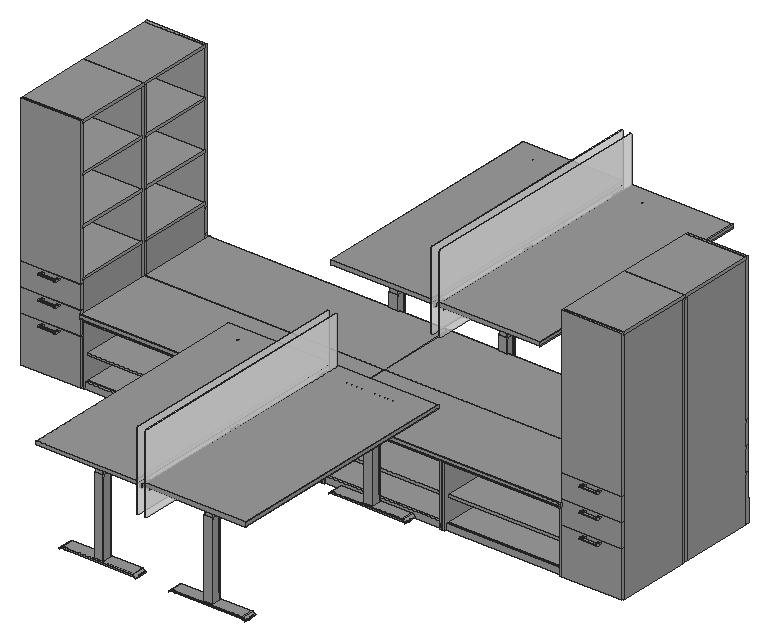
Revit family "JSI-Vision-Typical_Laminate-VST015", category Furniture, Revit 2020
Family settings
  OmniClass Number = 23.40.20.00
  OmniClass Title = General Furniture and Specialties
  Work Plane-Based = No
  Always vertical = Yes
  Cut with Voids When Loaded = No
  Shared = No
  Room Calculation Point = No
Parameters (values of type "VST015")
  URL = "www.jsifurniture.com"
  Type Comments = "Typical Laminate"  # constant formula
  Model = "VST015"
  Manufacturer = "JSI"  # constant formula
  Keynote = "12500"
  Default Elevation = 0"
  Assembly Code = "E2020200"
Reference planes (in)
  plane 1 "Center Front/Back": y = 0
  plane 2: z = 0
  plane 3 "Center Left/Right": x = 0
Dimensions and locks (in)
  aligned and locked: level to plane 2
Nested families (in)
  nested 1: "JSI-Vision-Box_Box_File_Storage_Cabinet_Side_Access" at (-90, 0, 0), type "VST2418-72BBFSSTL, Laminate 72" H BBF Strg Cab-Side Accs 24" x 18""
    with Side Distance 0", Shelve Distance 18", Height 72", FFSSTR no, Bottom Shelve Level 29.496", Adjustable Shelves Array Distance 14.06383", Actual Height 71 11/16", # of Adjustable Shelves 3
  nested 2: "JSI-Vision-Box_Box_File_Storage_Cabinet_Side_Access" at (90, -0.125, 0) x (-1, 0, 0) z (0, 0, 1), type "VST2418-72BBFSSTL, Laminate 72" H BBF Strg Cab-Side Accs 24" x 18""
    with Side Distance 0", Shelve Distance 18", Height 72", FFSSTR no, Bottom Shelve Level 29.496", Adjustable Shelves Array Distance 14.06383", Actual Height 71 11/16", # of Adjustable Shelves 3
  nested 3: "JSI-Vision-Box_Box_File_Storage_Cabinet_Side_Access" at (72, 0, 0), type "VST2418-72BBFSSTR, Laminate 72" H BBF Strg Cab-Side Accs 24" x 18""
    with Height 72", Bottom Shelve Level 29.496", Adjustable Shelves Array Distance 14.06383", Actual Height 71 11/16", # of Adjustable Shelves 3
  nested 4: "JSI-Vision-Box_Box_File_Storage_Cabinet_Side_Access" at (-72, -0.125, 0) x (-1, 0, 0) z (0, 0, 1), type "VST2418-72BBFSSTR, Laminate 72" H BBF Strg Cab-Side Accs 24" x 18""
    with Height 72", Bottom Shelve Level 29.496", Adjustable Shelves Array Distance 14.06383", Actual Height 71 11/16", # of Adjustable Shelves 3
  nested 5: "JSI-Vision-Open_Shelf_Modular_Bench_Pedestal" at (-36, -0.125, 0), type "VSTB2436MOS, Laminate OS Modular Bench H Ped"
    with Width 36", Height 18.744", Depth 24"
  nested 6: "JSI-Vision-Open_Shelf_Modular_Bench_Pedestal" at (0, -0.125, 0), type "VSTB2436MOS, Laminate OS Modular Bench H Ped"
    with Width 36", Height 18.744", Depth 24"
  nested 7: "JSI-Vision-Open_Shelf_Modular_Bench_Pedestal" at (-36, 0, 0), type "VSTB2436MOS, Laminate OS Modular Bench H Ped"
    with Width 36", Height 18.744", Depth 24"
  nested 8: "JSI-Vision-Open_Shelf_Modular_Bench_Pedestal" at (0, 0, 0), type "VSTB2436MOS, Laminate OS Modular Bench H Ped"
    with Width 36", Height 18.744", Depth 24"
  nested 9: "JSI-Vision-Bench_Height_Modular_Top" at (-72, -0.125, -0.6469), type "VSTB2472MT, Laminate Mod Bench H Top, 24" x 72""
    with Width 72", Depth 24"
  nested 10: "JSI-Vision-Bench_Height_Modular_Top" at (0, 0, -0.6469) x (-1, 0, 0) z (0, 0, 1), type "VSTB2472MT, Laminate Mod Bench H Top, 24" x 72""
    with Width 72", Depth 24"
  nested 11: "JSI-Vision-Adj_Table_Standard_Range" at (1.375, 19.0625, 0) x (0, 1, 0) z (0, 0, 1), type "VST3072AHTD-S, Adj Height Table Standard Range 72"W"
  nested 12: "JSI-Vision-Lok_Frosted_Acrylic_Privacy_Screen" at (1.375, -91.0625, -1.3175) x (0, 1, 0) z (0, 0, 1), type "LK-PSP-7224A, Lok Frosted Acrylic Privacy Screen - 72w x 23 3/4h"
  nested 13: "JSI-Vision-Adj_Table_Standard_Range" at (1.375, -19.0625, 0) x (0, -1, 0) z (0, 0, 1), type "VST3072AHTD-S, Adj Height Table Standard Range 72"W"
  nested 14: "JSI-Vision-Adj_Table_Standard_Range" at (-1.375, 19.0625, 0) x (0, 1, 0) z (0, 0, 1), type "VST3072AHTD-S, Adj Height Table Standard Range 72"W"
  nested 15: "JSI-Vision-Adj_Table_Standard_Range" at (-1.375, -19.0625, 0) x (0, -1, 0) z (0, 0, 1), type "VST3072AHTD-S, Adj Height Table Standard Range 72"W"
  nested 16: "JSI-Vision-Lok_Frosted_Acrylic_Privacy_Screen" at (-1.375, -91.0625, -1.3175) x (0, 1, 0) z (0, 0, 1), type "LK-PSP-7224A, Lok Frosted Acrylic Privacy Screen - 72w x 23 3/4h"
  nested 17: "JSI-Vision-Lok_Frosted_Acrylic_Privacy_Screen" at (1.375, 91.0625, -1.3175) x (0, -1, 0) z (0, 0, 1), type "LK-PSP-7224A, Lok Frosted Acrylic Privacy Screen - 72w x 23 3/4h"
  nested 18: "JSI-Vision-Lok_Frosted_Acrylic_Privacy_Screen" at (-1.375, 91.0625, -1.3175) x (0, -1, 0) z (0, 0, 1), type "LK-PSP-7224A, Lok Frosted Acrylic Privacy Screen - 72w x 23 3/4h"
  nested 19: "JSI-Vision-Open_Shelf_Modular_Bench_Pedestal" at (-72, -0.125, 0), type "VSTB2436MOS, Laminate OS Modular Bench H Ped"
    with Width 36", Height 18.744", Depth 24"
  nested 20: "JSI-Vision-Open_Shelf_Modular_Bench_Pedestal" at (-72, 0, 0), type "VSTB2436MOS, Laminate OS Modular Bench H Ped"
    with Width 36", Height 18.744", Depth 24"
  nested 21: "JSI-Vision-Open_Shelf_Modular_Bench_Pedestal" at (72, -0.125, 0) x (-1, 0, 0) z (0, 0, 1), type "VSTB2436MOS, Laminate OS Modular Bench H Ped"
    with Width 36", Height 18.744", Depth 24"
  nested 22: "JSI-Vision-Open_Shelf_Modular_Bench_Pedestal" at (72, 0, 0) x (-1, 0, 0) z (0, 0, 1), type "VSTB2436MOS, Laminate OS Modular Bench H Ped"
    with Width 36", Height 18.744", Depth 24"
  nested 23: "JSI-Vision-Bench_Height_Modular_Top" at (72, -0.125, -0.6469) x (-1, 0, 0) z (0, 0, 1), type "VSTB2472MT, Laminate Mod Bench H Top, 24" x 72""
    with Width 72", Depth 24"
  nested 24: "JSI-Vision-Bench_Height_Modular_Top" at (0, 0, -0.6469), type "VSTB2472MT, Laminate Mod Bench H Top, 24" x 72""
    with Width 72", Depth 24"
Definition of nested family "JSI-Vision-Box_Box_File_Storage_Cabinet_Side_Access"
  Parameters (values of type "Type Catalog")
    Side Distance = if(FFSSTR, (Width - 3/4"), 0")  # 17 1/4"
    Top = none
    Width = 18"
    Unit Centre = Width / 2  # 9"
    URL = "www.jsifurniture.com"
    Type Comments = ""
    Tag = "3 Shelves R/ BBF"
    Shelve Width = Width - 3/4"  # 17 1/4"
    Shelve Distance = if(FFSSTR, (Width - 3/4"), Width)  # 17 1/4"
    Shelve Depth = Depth - 1 7/8"  # 22 1/8"
    Series = "Vision Casegoods"  # constant formula
    Pull Finish = none
    Model = "Type Catalog"
    Material = ""
    Manufacturer = "JSI"  # constant formula
    Keynote = "12500"
    JSI Enviromental Website = "http://www.jsifurniture.com/jsi_sustainability_intro.php"
    Height = 84"
    FFSSTR = yes
    Drawer Front = none
    Description = "Type Catalog"
    Depth = 24"
    Default Elevation = 0"
    Chassis = none
    Bottom Shelve Level = 29 1/2"
    Assembly Code = "E2020200"
    Adjustable Shelves Array Distance = (Actual Height - Bottom Shelve Level) / (# of Adjustable Shelves)  # 13 35/64"
    Actual Height = if(Height > 54", (Height - 5/16"), (if(Height > 42", (Height + 1 1/8"), if(Height > 30", (Height - 3/8"), (Height - 13/16")))))  # 83 11/16"
    # of Adjustable Shelves = if(Height > 72", 4, (if(Height > 57", 3, 2)))  # 4
  Reference planes (in)
    plane 1 "Center Front/Back": y = 0
    plane 2: z = 0
    plane 3 "Center Left/Right": x = 0
    plane 4: z = 0
    plane 5: x = 18
    plane 6: y = -0.125
    plane 7: y = -23
    plane 8: z = 83.6875
    plane 9: y = -0.875
    plane 10: y = -22.8125
    plane 11: y = -22.0625
    plane 12: x = 0.75
    plane 13: x = 17.25
    plane 14: z = 0.3275
    plane 15: z = 1.0775
    plane 16: z = 82.9375
    plane 17: z = 83.3125
    plane 18: z = 29.125
    plane 19: z = 29.5
    plane 20: z = 28.75
    plane 21: x = 0.0625
    plane 22: x = 17.9375
    plane 23: z = 0.14
    plane 24: y = -23
    plane 25: y = -23.75
    plane 26: y = -24
    plane 27: z = 83.625
    plane 28: y = -11.5625
    plane 29: z = 39.9625
    plane 30: z = 50.8
    plane 31: z = 61.6375
    plane 32: z = 72.475
    plane 33: z = 27.88
    plane 34: z = 28
    plane 35: z = 13.95
    plane 36: z = 14.075
    plane 37: z = 27.13
    plane 38: z = 13.2
    plane 39: x = 9
    plane 40: x = 17.25
    plane 41: z = 21.04
    plane 42: z = 20.915
    plane 43: z = 20.165
  Forms (in)
    Extrusion 1, solid, material <- "Chassis"
      sketch origin (0, 0, 0) x (1, 0, 0) y (0, 1, 0)
        loop
          line (0, -0.125) -> (0, -0.875) -> (18, -0.875) -> (18, -0.125) -> (0, -0.125)
      from 0 to 82.9375
    Extrusion 2, solid, material <- "Chassis"
      sketch origin (0, 0, 0) x (1, 0, 0) y (0, 1, 0)
        loop
          line (0, -0.875) -> (0, -23) -> (0.75, -23) -> (0.75, -0.875) -> (0, -0.875)
      from 0 to 28.75
    Extrusion 3, solid, material <- "Chassis"
      sketch origin (0, 0, 0) x (1, 0, 0) y (0, 1, 0)
        loop
          line (17.25, -0.875) -> (17.25, -23) -> (18, -23) -> (18, -0.875) -> (17.25, -0.875)
      from 0 to 82.9375
    Extrusion 4, solid, material <- "Top"
      sketch origin (0, 0, 0) x (0, 1, 0) y (0, 0, 1)
        loop
          line (-0.125, 83.6875) -> (-23, 83.6875) -> (-23, 82.9375) -> (-0.125, 82.9375) -> (-0.125, 83.6875)
      from 0 to 18
    Extrusion 5, solid, material <- "Chassis"
      sketch origin (0, 0, 0) x (0, 1, 0) y (0, 0, 1)
        loop
          line (-0.875, 1.0775) -> (-22.0625, 1.0775) -> (-22.0625, 0.3275) -> (-0.875, 0.3275) -> (-0.875, 1.0775)
      from 0.75 to 17.25
    Extrusion 6, solid, material <- "Chassis"
      sketch origin (0, 0, 0) x (0, 1, 0) y (0, 0, 1)
        loop
          line (-22.0625, 1.0775) -> (-22.8125, 1.0775) -> (-22.8125, 0) -> (-22.0625, 0) -> (-22.0625, 1.0775)
      from 0.75 to 17.25
    Extrusion 7, solid, material <- "Chassis"
      sketch origin (-15, -0.9375, 1) x (0, 1, 0) y (0, 0, 1)
        loop
          line (0.0625, 28.5) -> (-22.0625, 28.5) -> (-22.0625, 27.75) -> (0.0625, 27.75) -> (0.0625, 28.5)
      from 15 to 32.25
    Extrusion 8, solid, material <- "Chassis"
      sketch origin (-15, -0.9375, 14.54688) x (0, 1, 0) y (0, 0, 1)
        loop
          line (0.0625, 28.5) -> (-22.0625, 28.5) -> (-22.0625, 27.75) -> (0.0625, 27.75) -> (0.0625, 28.5)
      from 15 to 32.25
    Extrusion 9, solid, material <- "Drawer Front"
      sketch origin (0, 0, 0) x (0, 1, 0) y (0, 0, 1)
        loop
          line (-23, 13.95) -> (-23.75, 13.95) -> (-23.75, 0.14) -> (-23, 0.14) -> (-23, 13.95)
      from 0 to 18
    Extrusion 10, solid, material <- "Drawer Front"
      sketch origin (0, 0, 0) x (0, 1, 0) y (0, 0, 1)
        loop
          line (-23, 27.88) -> (-23.75, 27.88) -> (-23.75, 21.04) -> (-23, 21.04) -> (-23, 27.88)
      from 0 to 18
    Extrusion 11, solid, material <- "Chassis"
      sketch origin (0, 0, 0) x (1, 0, 0) y (0, 1, 0)
        loop
          line (0, -23) -> (0, -23.75) -> (18, -23.75) -> (18, -23) -> (0, -23)
      from 28 to 83.6875
    Extrusion 12, solid, material <- "Drawer Front"
      sketch origin (0, 0, 0) x (0, 1, 0) y (0, 0, 1)
        loop
          line (-23, 20.915) -> (-23.75, 20.915) -> (-23.75, 14.075) -> (-23, 14.075) -> (-23, 20.915)
      from 0 to 18
    Extrusion 13, solid, material <- "Chassis"
      sketch origin (-15, -0.9375, 28.09375) x (0, 1, 0) y (0, 0, 1)
        loop
          line (0.0625, 28.5) -> (-22.0625, 28.5) -> (-22.0625, 27.75) -> (0.0625, 27.75) -> (0.0625, 28.5)
      from 15 to 32.25
    Extrusion 14, solid, material <- "Chassis"
      sketch origin (-15, -0.9375, 41.64063) x (0, 1, 0) y (0, 0, 1)
        loop
          line (0.0625, 28.5) -> (-22.0625, 28.5) -> (-22.0625, 27.75) -> (0.0625, 27.75) -> (0.0625, 28.5)
      from 15 to 32.25
  Lines and regions (in)
    reference lines, not visible
      curve 1: line (0, 0, 83.6875) -> (0, 0, 0)
      curve 2: line (0.75, 0, 0) -> (0.75, 0, 83.6875)
      curve 3: line (18, 0, 83.6875) -> (18, 0, 0)
      curve 4: line (17.25, 0, 0) -> (17.25, 0, 83.6875)
    symbolic lines
      curve 5: line (18, -0.125, 0) -> (0, -0.125, 0)
      curve 6: line (0, -0.125, 0) -> (0, -23, 0)
      curve 7: line (18, -23, 0) -> (18, -0.125, 0)
      curve 8: line (0, -23, 0) -> (0, -23.75, 0)
      curve 9: line (0, -23.75, 0) -> (18, -23.75, 0)
      curve 10: line (18, -23.75, 0) -> (18, -23, 0)
  Dimensions and locks (in)
    locked: plane 6 to plane 1 "Center Front/Back" at 0.125
    plane 7 to plane 10 to plane 11 = 3/16" locked, 3/4" locked
    locked: plane 3 "Center Left/Right" to plane 12 at 0.75
    locked: plane 13 to plane 5 at 0.75
    locked: plane 8 to plane 16 at 0.75
    locked: plane 17 to plane 16 at 0.375
    "Width": plane 3 "Center Left/Right" to plane 5
    "Actual Height": plane 8 to plane 4
    locked: plane 3 "Center Left/Right" to plane 21 at 0.0625
    locked: plane 22 to plane 5 at 0.0625
    plane 15 to plane 14 to plane 23 = 3/4" locked, 3/16" locked
    plane 25 to plane 24 to plane 7 = 3/4" locked, 0" locked
    "Depth": plane 26 to plane 1 "Center Front/Back"
    locked: plane 26 to plane 25 at 0.25
    locked: plane 8 to plane 27 at 0.0625
    equal spacing: plane 6, plane 28, plane 7
    "Shelve Depth": Extrusion 7 sketch curve to Extrusion 7 sketch curve
    equal spacing: plane 17, plane 32, plane 31, plane 30, plane 29, plane 18
    "Shelve Depth": Extrusion 8 sketch curve to Extrusion 8 sketch curve
    equal spacing: group 1, group 2, group 3, group 4  (x3)
    "Adjustable Shelves Array Distance": Extrusion 8 to Extrusion 7
    "Bottom Shelve Level": Extrusion 7 to plane 4
    "Bottom Shelve Level": plane 19 to plane 4
    locked: plane 19 to plane 18 at 0.375
    locked: plane 33 to plane 37 at 0.75
    locked: plane 35 to plane 38 at 0.75
    "Shelve Width": Extrusion 7 to Extrusion 7
    "Unit Centre": plane 3 "Center Left/Right" to plane 39
    "Shelve Width": Extrusion 8 to Extrusion 8
    locked: plane 19 to plane 20 at 0.75
    locked: curve 1 to curve 2 at 0.75
    locked: curve 3 to curve 4 at 0.75
    "Side Distance": curve 4 to plane 3 "Center Left/Right"
    "Side Distance": plane 5 to curve 2
    "Shelve Distance": plane 40 to plane 3 "Center Left/Right"
    locked: plane 42 to plane 43 at 0.75
    "Shelve Depth": Extrusion 13 sketch curve to Extrusion 13 sketch curve
    "Shelve Width": Extrusion 13 to Extrusion 13
    "Shelve Depth": Extrusion 14 sketch curve to Extrusion 14 sketch curve
    "Shelve Width": Extrusion 14 to Extrusion 14
    plane 33 to plane 41 to plane 42 to plane 36 to plane 35 to plane 23 to plane 4 = 6.84" locked, 1/8" locked, 6.84" locked, 1/8" locked, 13.81" locked, 0.14" locked
    locked: plane 20 to plane 34 at 0.75
    aligned and locked: level to plane 2
    aligned and locked: plane 6 to Extrusion 1 sketch curve
    aligned and locked: Extrusion 1 sketch curve to plane 9
    aligned and locked: Extrusion 1 sketch curve to plane 5
    aligned and locked: plane 3 "Center Left/Right" to Extrusion 1 sketch curve
    aligned and locked: Extrusion 1 to plane 4
    aligned and locked: plane 16 to Extrusion 1
    aligned and locked: Extrusion 2 sketch curve to plane 7
    aligned and locked: plane 9 to Extrusion 2 sketch curve
    aligned and locked: Extrusion 3 sketch curve to plane 7
    aligned and locked: plane 9 to Extrusion 3 sketch curve
    aligned and locked: plane 16 to Extrusion 4 sketch curve
    aligned and locked: Extrusion 4 sketch curve to plane 8
    aligned and locked: plane 6 to Extrusion 4 sketch curve
    aligned and locked: Extrusion 4 sketch curve to plane 7
    aligned and locked: Extrusion 4 to plane 3 "Center Left/Right"
    aligned and locked: plane 5 to Extrusion 4
    aligned and locked: Extrusion 5 sketch curve to plane 11
    aligned and locked: plane 14 to Extrusion 5 sketch curve
    aligned and locked: Extrusion 5 sketch curve to plane 15
    aligned and locked: plane 9 to Extrusion 5 sketch curve
    aligned and locked: Extrusion 5 to plane 12
    aligned and locked: plane 13 to Extrusion 5
    aligned and locked: plane 11 to Extrusion 6 sketch curve
    aligned and locked: Extrusion 6 sketch curve to plane 10
    aligned and locked: plane 4 to Extrusion 6 sketch curve
    aligned and locked: Extrusion 6 sketch curve to plane 15
    aligned and locked: Extrusion 6 to plane 12
    aligned and locked: plane 13 to Extrusion 6
    aligned and locked: level to plane 4
    aligned and locked: plane 25 to nested 1
    aligned and locked: plane 24 to Extrusion 9 sketch curve
    aligned and locked: Extrusion 9 sketch curve to plane 25
    aligned and locked: plane 23 to Extrusion 9 sketch curve
    aligned and locked: Extrusion 9 sketch curve to plane 35
    aligned and locked: Extrusion 10 sketch curve to plane 25
    aligned and locked: plane 24 to Extrusion 10 sketch curve
    aligned and locked: Extrusion 10 sketch curve to plane 33
    aligned and locked: plane 38 to nested 2
    aligned and locked: plane 25 to nested 2
    aligned and locked: plane 37 to nested 3
    aligned and locked: plane 25 to nested 3
    aligned and locked: Extrusion 7 to plane 9
    aligned and locked: Extrusion 8 to plane 9
    aligned and locked: plane 39 to nested 1
    aligned and locked: plane 39 to nested 3
    aligned and locked: plane 39 to nested 2
    aligned and locked: Extrusion 2 to plane 4
    aligned and locked: Extrusion 2 to curve 2
    aligned and locked: curve 1 to Extrusion 2
    aligned and locked: plane 20 to Extrusion 2
    aligned and locked: Extrusion 3 to plane 4
    aligned and locked: Extrusion 3 to curve 3
    aligned and locked: Extrusion 3 to curve 4
    aligned and locked: plane 16 to Extrusion 3
    aligned and locked: plane 40 to Extrusion 7
    aligned and locked: plane 40 to Extrusion 8
    aligned and locked: plane 24 to Extrusion 11 sketch curve
    aligned and locked: Extrusion 11 sketch curve to plane 25
    aligned and locked: Extrusion 11 sketch curve to plane 5
    aligned and locked: plane 3 "Center Left/Right" to Extrusion 11 sketch curve
    aligned and locked: plane 8 to Extrusion 11
    aligned and locked: Extrusion 11 to plane 34
    aligned and locked: Extrusion 10 to plane 41
    aligned and locked: plane 36 to Extrusion 12 sketch curve
    aligned and locked: Extrusion 12 sketch curve to plane 42
    aligned and locked: Extrusion 12 sketch curve to plane 25
    aligned and locked: plane 24 to Extrusion 12 sketch curve
    aligned and locked: plane 43 to nested 4
    aligned and locked: plane 39 to nested 4
    aligned and locked: plane 25 to nested 4
    aligned and locked: curve 5 to Extrusion 4
    aligned and locked: curve 6 to Extrusion 4
    aligned and locked: curve 7 to Extrusion 4
    aligned and locked: curve 8 to Extrusion 10
    aligned and locked: Extrusion 11 to curve 9
    aligned and locked: curve 10 to Extrusion 10
    aligned and locked: Extrusion 10 to Extrusion 11  (x2)
  Automatic sketch dimensions
    Extrusion 7 sketch curve to Extrusion 7 sketch curve = 3/4"
    Extrusion 8 sketch curve to Extrusion 8 sketch curve = 3/4"
    plane 12 to Extrusion 2 sketch curve = 0"
    plane 3 "Center Left/Right" to Extrusion 2 sketch curve = 0"
    Extrusion 3 sketch curve to plane 5 = 0"
    Extrusion 3 sketch curve to plane 13 = 0"
    curve 1 to level = 0"
    curve 2 to level = 0"
    curve 3 to level = 0"
    curve 4 to level = 0"
    curve 3 to plane 8 = 0"
    curve 2 to plane 8 = 0"
    curve 4 to plane 8 = 0"
    curve 1 to plane 8 = 0"
    plane 36 to Extrusion 10 sketch curve = 6.965"
    plane 7 to curve 7 = 0"
    plane 7 to curve 6 = 0"
    Extrusion 13 sketch curve to Extrusion 13 sketch curve = 3/4"
    Extrusion 14 sketch curve to Extrusion 14 sketch curve = 3/4"
  Nested families (in)
    nested 1: "Label 1-16 OH" at (9, -23.75, 0), type "OH DOORS"
    nested 2: "Bar Pull" at (9, -23.75, 13.2), Pull Finish <- "Pull Finish", type "PL"
      with Pull Finish none
    nested 3: "Bar Pull" at (9, -23.75, 27.13), Pull Finish <- "Pull Finish", type "PL"
      with Pull Finish none
    nested 4: "Bar Pull" at (9, -23.75, 20.165), Pull Finish <- "Pull Finish", type "PL"
      with Pull Finish none
  Definition of nested family "Bar Pull"
    Parameters
      Pull Finish [instance] = none
      Default Elevation = 0"
    Reference planes (in)
      plane 1 "Center Front/Back": y = 0
      plane 2: z = 0
      plane 3 "Center Left/Right": x = 0
      plane 4: x = -2.68731
      plane 5: x = -1.88731
      plane 6: x = 2.68731
      plane 7: x = 1.88731
      plane 8: y = -1
      plane 9: y = -0.85202
    Forms (in)
      Extrusion 1, solid, material <- "Pull Finish"
        sketch origin (0, 0, 0) x (0, 1, 0) y (0, 0, 1)
          loop
            line (0, -0.2015) -> (0, 0.2015) -> (-0.85202, 0.2015)
            arc (-0.85202, 0.2015) -> (-0.75, 0) -> (-0.85202, -0.2015) r 0.25
            line (-0.85202, -0.2015) -> (0, -0.2015)
        from 1.88731 to 2.68731
      Extrusion 2, solid, material <- "Pull Finish"
        sketch origin (0, 0, 0) x (0, 1, 0) y (0, 0, 1)
          loop
            circle (-1, 0) r 0.25
        from -2.68731 to 2.68731
      Extrusion 3, solid, material <- "Pull Finish"
        sketch origin (0, 0, 0) x (0, 1, 0) y (0, 0, -1)
          loop
            line (0, 0.2015) -> (-0.85202, 0.2015)
            arc (-0.85202, 0.2015) -> (-0.75, 0) -> (-0.85202, -0.2015) r 0.25
            line (-0.85202, -0.2015) -> (0, -0.2015) -> (0, 0.2015)
        from 1.88731 to 2.68731
    Dimensions and locks (in)
      plane 4 to plane 5 to plane 3 "Center Left/Right" to plane 7 to plane 6 = 0.8" locked, 1.88731" locked, 1.88731" locked, 0.8" locked
      plane 8 to plane 9 to plane 1 "Center Front/Back" = 0.14798" locked, 0.85202" locked
      aligned and locked: level to plane 2
      aligned and locked: plane 4 to Extrusion 3
      aligned and locked: Extrusion 3 to plane 5
      aligned and locked: plane 4 to Extrusion 2
      aligned and locked: Extrusion 1 to plane 7
      aligned and locked: plane 6 to Extrusion 1
      aligned and locked: plane 6 to Extrusion 2
      aligned and locked: plane 8 to Extrusion 2 sketch curve
      aligned and locked: Extrusion 3 to plane 1 "Center Front/Back"
      aligned and locked: Extrusion 1 to plane 1 "Center Front/Back"
      aligned and locked: plane 5 to Extrusion 3
      aligned and locked: Extrusion 3 to plane 4
      aligned and locked: Extrusion 2 to plane 4
      aligned and locked: plane 7 to Extrusion 1
      aligned and locked: Extrusion 1 to plane 6
      aligned and locked: Extrusion 2 to plane 6
  Definition of nested family "Label 1-16 OH"
    Parameters
      Width = 1"
      Model Name = "3 Shelves R/ BBF"
    Reference planes (in)
      plane 1: y = 0
      plane 2: x = 0
    Text (in)
      label "XX" at (0.00051, -0.12324, 0), shows "Model Name"
Definition of nested family "JSI-Vision-Open_Shelf_Modular_Bench_Pedestal"
  Parameters (values of type "Type Catalog")
    Width = 18"
    URL = "www.jsifurniture.com"
    Top = none
    Tag = "OS"
    Series = "Vision Casegoods"  # constant formula
    Model = "Type Catalog"
    Manufacturer = "JSI"  # constant formula
    Keynote = "12500"
    JSI Enviromental Website = "http://www.jsifurniture.com/jsi_sustainability_intro.php"
    Height = 18 3/4"
    Description = "Type Catalog"
    Depth = 18"
    Default Elevation = 0"
    Chassis = none
    Assembly Code = "E2020200"
  Reference planes (in)
    plane 1 "Center Front/Back": y = 0
    plane 2: z = 0
    plane 3 "Center Left/Right": x = 0
    plane 4: x = 18
    plane 5: x = 0.18716
    plane 6: x = 17.81244
    plane 7: z = 9.375
    plane 8: x = 0.75
    plane 9: x = 17.126
    plane 10: y = -0.8125
    plane 11: y = -17.25
    plane 12: x = 9
    plane 13: z = 18.8591
    plane 14: z = 18.75
    plane 15: z = 8.625
    plane 16: z = 1.9375
    plane 17: z = 1.1875
    plane 18: y = -17.875
    plane 19: y = -16.25
    plane 20: y = -17
    plane 21: y = -18
    plane 22: z = 18.1091
  Forms (in)
    Extrusion 1, solid, material <- "Chassis"
      sketch origin (0, 0, 0) x (1, 0, 0) y (0, 1, 0)
        loop
          line (0, 0) -> (0, -0.8125) -> (18, -0.8125) -> (18, 0) -> (0, 0)
      from 0 to 18.8591
    Extrusion 2, solid, material <- "Chassis"
      sketch origin (0.125, -0.1875, 48) x (0, 1, 0) y (0, 0, 1)
        loop
          line (-0.625, -29.1409) -> (-17.0625, -29.1409) -> (-17.0625, -48) -> (-0.625, -48) -> (-0.625, -29.1409)
      from -0.125 to 0.625
    Extrusion 3, solid, material <- "Chassis"
      sketch origin (29.875, -0.1875, 48) x (0, 1, 0) y (0, 0, 1)
        loop
          line (-0.625, -29.1409) -> (-17.0625, -29.1409) -> (-17.0625, -48) -> (-0.625, -48) -> (-0.625, -29.1409)
      from -12.749 to -11.875
    Extrusion 4, solid, material <- "Chassis"
      sketch origin (0, 0, 0) x (1, 0, 0) y (0, 1, 0)
        loop
          line (0.75, -16.25) -> (0.75, -17) -> (17.126, -17) -> (17.126, -16.25) -> (0.75, -16.25)
      from 0 to 1.9375
    Extrusion 5, solid, material <- "Chassis"
      sketch origin (0, 0, 0) x (0, 1, 0) y (0, 0, 1)
        loop
          line (-16.25, 9.375) -> (-16.25, 8.625) -> (-0.8125, 8.625) -> (-0.8125, 9.375) -> (-16.25, 9.375)
        loop
          line (-0.8125, 18.1091) -> (-0.8125, 18.8591) -> (-17.25, 18.8591) -> (-17.25, 18.1091) -> (-0.8125, 18.1091)
        loop
          line (-0.8125, 1.1875) -> (-0.8125, 1.9375) -> (-16.25, 1.9375) -> (-16.25, 1.1875) -> (-0.8125, 1.1875)
      from 0.75 to 17.126
  Lines and regions (in)
    symbolic lines
      curve 1: line (0, 0, 0) -> (18, 0, 0)
      curve 2: line (0, -17.875, 0) -> (0, 0, 0)
      curve 3: line (18, -17.875, 0) -> (0, -17.875, 0)
      curve 4: line (18, 0, 0) -> (18, -17.875, 0)
  Dimensions and locks (in)
    locked: plane 14 to plane 13 at 0.1091
    plane 9 to plane 6 to plane 4 = 0.68644" locked, 0.18756" locked
    plane 3 "Center Left/Right" to plane 5 to plane 8 = 0.18716" locked, 0.56284" locked
    "Width": plane 3 "Center Left/Right" to plane 4
    equal spacing: plane 3 "Center Left/Right", plane 12, plane 4
    locked: plane 1 "Center Front/Back" to plane 10 at 0.8125
    plane 16 to plane 17 to level = 3/4" locked, 1 3/16" locked
    plane 19 to plane 20 to plane 11 to plane 18 to plane 21 = 3/4" locked, 1/4" locked, 5/8" locked, 1/8" locked
    "Depth": plane 1 "Center Front/Back" to plane 21
    locked: plane 13 to plane 22 at 0.75
    "Height": level to plane 14
    aligned and locked: level to plane 2
    aligned and locked: plane 10 to Extrusion 1 sketch curve
    aligned and locked: plane 10 to Extrusion 2 sketch curve
    aligned and locked: Extrusion 2 sketch curve to level
    aligned and locked: Extrusion 3 sketch curve to plane 10
    aligned and locked: level to Extrusion 3 sketch curve
    aligned and locked: plane 8 to Extrusion 4 sketch curve
    aligned and locked: plane 12 to nested 1
    aligned and locked: plane 13 to Extrusion 1
    aligned and locked: Extrusion 1 to plane 1 "Center Front/Back"
    aligned and locked: plane 3 "Center Left/Right" to curve 2
    aligned and locked: Extrusion 1 to plane 3 "Center Left/Right"
    aligned and locked: plane 1 "Center Front/Back" to curve 1
    aligned and locked: plane 4 to Extrusion 1
    aligned and locked: curve 4 to plane 4
    aligned and locked: plane 10 to Extrusion 5 sketch curve  (x3)
    aligned and locked: plane 7 to Extrusion 5 sketch curve
    aligned and locked: Extrusion 5 sketch curve to plane 15
    aligned and locked: Extrusion 5 to plane 8
    aligned and locked: plane 9 to Extrusion 5
    aligned and locked: Extrusion 2 to plane 11
    aligned and locked: Extrusion 3 to plane 11
    aligned and locked: plane 19 to Extrusion 4
    aligned and locked: Extrusion 4 to plane 20
    aligned and locked: Extrusion 5 to plane 19
    aligned and locked: plane 13 to Extrusion 5 sketch curve
    aligned and locked: Extrusion 5 sketch curve to plane 11
    aligned and locked: plane 16 to Extrusion 5 sketch curve
    aligned and locked: Extrusion 5 sketch curve to plane 17
    aligned and locked: Extrusion 5 sketch curve to plane 19
    aligned and locked: plane 18 to curve 3
    aligned and locked: Extrusion 3 to plane 9
    aligned and locked: plane 4 to Extrusion 3
    aligned and locked: nested 1 to plane 21
    aligned and locked: Extrusion 5 to plane 22
  Automatic sketch dimensions
    Extrusion 4 sketch curve to plane 9 = 0"
    plane 1 "Center Front/Back" to Extrusion 1 sketch curve = 0"
    plane 5 to Extrusion 1 sketch curve = 0.18716"
    Extrusion 1 sketch curve to plane 6 = 0.18756"
    plane 11 to Extrusion 2 sketch curve = 0"
    plane 11 to Extrusion 3 sketch curve = 0"
    plane 18 to Extrusion 4 sketch curve = 7/8"
    plane 11 to Extrusion 4 sketch curve = 1"
    Extrusion 5 sketch curve to plane 19 = 0"
    plane 14 to Extrusion 5 sketch curve = 0.6409"
    Extrusion 2 sketch curve to plane 13 = 0"
    Extrusion 3 sketch curve to plane 13 = 0"
  Nested families (in)
    nested 1: "Label 1-16" at (9, -18, 0), type "DRWCFG"
  Definition of nested family "Label 1-16"
    Parameters
      Width = 1"
      Model Name = "FF"
    Reference planes (in)
      plane 1: y = 0
      plane 2: x = 0
    Text (in)
      label "XX" at (0.00051, -0.12324, 0), shows "Model Name"
Definition of nested family "JSI-Vision-Bench_Height_Modular_Top"
  Parameters (values of type "Type Catalog")
    Worksurface = none
    Width = 42"
    URL = "www.jsifurniture.com"
    Type Comments = ""
    Series = "Vision Casegoods"  # constant formula
    Model = "Type Catalog"
    Material = ""
    Manufacturer = "JSI"  # constant formula
    Keynote = "12500"
    JSI Enviromental Website = "http://www.jsifurniture.com/jsi_sustainability_intro.php"
    Height = 19 1/2"
    Description = "Type Catalog"
    Depth = 30"
    Default Elevation = 0"
    Assembly Code = "E2020200"
  Reference planes (in)
    plane 1 "Center Front/Back": y = 0
    plane 2: z = 0
    plane 3 "Center Left/Right": x = 0
    plane 4: z = 0
    plane 5: x = 42
    plane 6: y = -30
    plane 7: z = 20.6875
    plane 8: z = 19.5
  Forms (in)
    Extrusion 1, solid, material <- "Worksurface"
      sketch origin (0, 0, 28) x (0, 1, 0) y (0, 0, 1)
        loop
          line (-29.88189, -8.5) -> (0, -8.5) -> (0, -7.3125) -> (-29.88189, -7.3125)
          arc (-29.88189, -7.3125) -> (-29.96541, -7.34709) -> (-30, -7.43061) r 0.11811
          line (-30, -7.43061) -> (-30, -8.38189)
          arc (-30, -8.38189) -> (-29.96541, -8.46541) -> (-29.88189, -8.5) r 0.11811
      from 0 to 42
  Lines and regions (in)
    symbolic lines
      curve 1: line (0, 0, 0) -> (42, 0, 0)
      curve 2: line (0, -30, 0) -> (0, 0, 0)
      curve 3: line (42, -30, 0) -> (0, -30, 0)
      curve 4: line (42, 0, 0) -> (42, -30, 0)
  Dimensions and locks (in)
    "Depth": plane 6 to plane 1 "Center Front/Back"
    "Width": plane 5 to plane 3 "Center Left/Right"
    locked: plane 7 to plane 8 at 1.1875
    "Height": plane 8 to level
    aligned and locked: level to plane 2
    aligned and locked: plane 5 to Extrusion 1
    aligned and locked: curve 1 to Extrusion 1
    aligned and locked: curve 2 to Extrusion 1
    aligned and locked: plane 6 to curve 3
    aligned and locked: curve 4 to plane 5
    aligned and locked: Extrusion 1 to plane 8
    aligned and locked: Extrusion 1 to plane 7
  Automatic sketch dimensions
    Extrusion 1 sketch curve to plane 6 = 0"
    level to Extrusion 1 sketch curve = 19 1/2"
    Extrusion 1 sketch curve to plane 7 = 0"
    Extrusion 1 sketch curve to plane 1 "Center Front/Back" = 0"
    Extrusion 1 sketch curve to Extrusion 1 sketch curve = 0.11811"
    plane 6 to Extrusion 1 sketch curve = 0.11811"
Definition of nested family "JSI-Vision-Adj_Table_Standard_Range"
  Parameters (values of type "VST3048AHTD-S, Adj Height Table Standard Range 48"W")
    Width = 48"
    Upper Leg Finish = none
    URL = "www.jsifurniture.com"
    Type Comments = ""
    Top Finish = none
    Support Finish = none
    Series = "Vision Casegoods"  # constant formula
    Low Leg Finish = none
    Model = "VST3048AHTD-S"
    Material = ""
    Manufacturer = "JSI"  # constant formula
    Keynote = "12500"  # constant formula
    JSI Enviromental Website = "http://www.jsifurniture.com/jsi_sustainability_intro.php"
    Height = 30"
    Glide Finish = none
    Feet Finish = none
    Description = "Adjustable Height Table Desk Standard Range Laminate, 30”H x 30” x 48”W"
    Depth = 30"
    Default Elevation = 0"
    Assembly Code = "E2020200"
    Adj Post Finish = none
  Types (6): name | Width | Model | Description
    VST3072AHTD-S, Adj Height Table Standard Range 72"W | 72" | "VST3072AHTD-S" | "Adjustable Height Table Desk Standard Range Laminate, 30”H x 30” x 72”W"
    VSV3072AHTD-S, Adj Height Table Standard Range 72"W | 72" | "VSV3072AHTD-S" | "Adjustable Height Table Desk Standard Range Venner, 30”H x 30” x 72”W"
    VST3060AHTD-S, Adj Height Table Standard Range 60"W | 60" | "VST3060AHTD-S" | "Adjustable Height Table Desk Standard Range Laminate, 30”H x 30” x 60”W"
    VSV3060AHTD-S, Adj Height Table Standard Range 60"W | 60" | "VSV3060AHTD-S" | "Adjustable Height Table Desk Standard Range Venner, 30”H x 30” x 60”W"
    VST3048AHTD-S, Adj Height Table Standard Range 48"W | 48" | "VST3048AHTD-S" | "Adjustable Height Table Desk Standard Range Laminate, 30”H x 30” x 48”W"
    VSV3048AHTD-S, Adj Height Table Standard Range 48"W | 48" | "VSV3048AHTD-S" | "Adjustable Height Table Desk Standard Range Venner, 30”H x 30” x 48”W"
  Reference planes (in)
    plane 1 "Center Front/Back": y = 0
    plane 2: z = 0
    plane 3 "Center Left/Right": x = 0
    plane 4: z = 30
    plane 5: z = 28.8125
    plane 6: x = 48
    plane 7: y = -30
    plane 8: y = -15
  Forms (in)
    Extrusion 1, solid, material <- "Top Finish"
      sketch origin (0, 0, 0) x (0, 1, 0) y (0, 0, 1)
        loop
          arc (-29.88189, 30) -> (-29.96256, 29.96256) -> (-30, 29.88189) r 0.12937
          line (-30, 29.88189) -> (-30, 28.93061)
          arc (-30, 28.93061) -> (-29.96256, 28.84994) -> (-29.88189, 28.8125) r 0.12937
          line (-29.88189, 28.8125) -> (-29.72106, 28.8125) -> (-0.27894, 28.8125) -> (-0.11811, 28.8125)
          arc (-0.11811, 28.8125) -> (-0.03744, 28.84994) -> (0, 28.93061) r 0.12937
          line (0, 28.93061) -> (0, 29.88189)
          arc (0, 29.88189) -> (-0.03744, 29.96256) -> (-0.11811, 30) r 0.12937
          line (-0.11811, 30) -> (-29.88189, 30)
      from 0 to 48
  Lines and regions (in)
    symbolic lines
      curve 1: line (0, 0, 0) -> (48, 0, 0)
      curve 2: line (0, -30, 0) -> (0, 0, 0)
      curve 3: line (48, -30, 0) -> (0, -30, 0)
      curve 4: line (48, 0, 0) -> (48, -30, 0)
  Dimensions and locks (in)
    "Height": plane 4 to level
    locked: plane 4 to plane 5 at 1.1875
    "Width": plane 3 "Center Left/Right" to plane 6
    "Depth": plane 1 "Center Front/Back" to plane 7
    equal spacing: plane 1 "Center Front/Back", plane 8, plane 7
    aligned and locked: level to plane 2
    aligned and locked: plane 3 "Center Left/Right" to nested 1
    aligned and locked: nested 1 to plane 8
    aligned and locked: plane 4 to Extrusion 1 sketch curve
    aligned and locked: Extrusion 1 sketch curve to plane 5
    aligned and locked: Extrusion 1 sketch curve to plane 1 "Center Front/Back"
    aligned and locked: Extrusion 1 sketch curve to plane 7
    aligned and locked: Extrusion 1 to plane 3 "Center Left/Right"
    aligned and locked: Extrusion 1 to plane 6
    aligned and locked: plane 7 to curve 3
    aligned and locked: plane 1 "Center Front/Back" to curve 1
    aligned and locked: plane 3 "Center Left/Right" to curve 2
    aligned and locked: plane 6 to curve 4
  Automatic sketch dimensions
    plane 7 to Extrusion 1 sketch curve = 0.11811"  (x2)
    Extrusion 1 sketch curve to plane 5 = 0"  (x2)
    plane 7 to Extrusion 1 sketch curve = 33/256"  (x2)
    Extrusion 1 sketch curve to Extrusion 1 sketch curve = 0.16082"
    plane 1 "Center Front/Back" to Extrusion 1 sketch curve = 0.27894"
    plane 1 "Center Front/Back" to Extrusion 1 sketch curve = 33/256"  (x2)
    plane 1 "Center Front/Back" to Extrusion 1 sketch curve = 0.11811"  (x2)
    plane 5 to Extrusion 1 sketch curve = 0.11811"  (x2)
    Extrusion 1 sketch curve to plane 4 = 33/256"  (x2)
  Nested families (in)
    nested 1: "Adj Base" at (0, -15, 0), Height <- "Height", W Top <- "Width", Adj Post Finish <- "Adj Post Finish", Feet Finish <- "Feet Finish", Glide Finish <- "Glide Finish", Low Leg Finish <- "Low Leg Finish", Support Finish <- "Support Finish", Upper Leg Finish <- "Upper Leg Finish", type "Adj Base"
      with W Top 48", Upper Leg Finish none, Support Finish none, Low Leg Finish none, Height 30", Glide Finish none, Feet Finish none, Adj Post Finish none
  Definition of nested family "Adj Base"
    Parameters (values of type "Adj Base")
      W Top [instance] = 72"
      Upper Leg Finish [instance] = none
      Support Finish [instance] = none
      Low Leg Finish [instance] = none
      Height [instance] = 29 1/2"
      Glide Finish [instance] = none
      Feet Finish [instance] = none
      Default Elevation = 0"
      Adj Post Finish [instance] = none
    Reference planes (in)
      plane 1 "Center (Front/Back)": y = 0
      plane 2: z = 0
      plane 3 "Center (Left/Right)": x = 0
      plane 4: z = 29.5
      plane 5: x = 72
      plane 6: z = 28.3125
      plane 7: x = 6.09647
      plane 8: x = 65.90353
    Forms (in)
      Extrusion 1, solid, material <- "Support Finish"
        sketch origin (1.67343, 0, 0) x (-1, 0, 0) y (0, 0, 1)
          loop
            line (-2.26388, 26.15894) -> (-2.26388, 28.00935) -> (-10.9253, 28.00935) -> (-10.9253, 27.73435) -> (-10.3632, 27.73435) -> (-9.86301, 26.15894) -> (-2.26388, 26.15894)
          loop
            line (-66.38926, 26.15894) -> (-58.79012, 26.15894) -> (-58.28994, 27.73435) -> (-57.72784, 27.73435) -> (-57.72784, 28.00935) -> (-66.38926, 28.00935) -> (-66.38926, 26.15894)
        from -1.89028 to 1.90897
      Extrusion 2, solid, material <- "Support Finish"
        sketch origin (8.68126, 0, 0) x (0, 1, 0) y (0, 0, 1)
          loop
            arc (2.60827, 26.81644) -> (2.67785, 26.84526) -> (2.70667, 26.91484) r 0.0984
            line (2.70667, 26.91484) -> (2.70667, 28.09931)
            arc (2.70667, 28.09931) -> (2.67882, 28.16654) -> (2.61158, 28.19439) r 0.09508
            line (2.61158, 28.19439) -> (2.01307, 28.19439)
            arc (2.01307, 28.19439) -> (1.94678, 28.16693) -> (1.91932, 28.10064) r 0.09375
            line (1.91932, 28.10064) -> (1.91932, 26.91484)
            arc (1.91932, 26.91484) -> (1.94814, 26.84526) -> (2.01772, 26.81644) r 0.0984
            line (2.01772, 26.81644) -> (2.60827, 26.81644)
          loop
            line (-2.60827, 26.81644) -> (-2.01772, 26.81644)
            arc (-2.01772, 26.81644) -> (-1.94814, 26.84526) -> (-1.91932, 26.91484) r 0.0984
            line (-1.91932, 26.91484) -> (-1.91932, 28.10064)
            arc (-1.91932, 28.10064) -> (-1.94678, 28.16693) -> (-2.01307, 28.19439) r 0.09375
            line (-2.01307, 28.19439) -> (-2.61158, 28.19439)
            arc (-2.61158, 28.19439) -> (-2.67882, 28.16654) -> (-2.70667, 28.09931) r 0.09508
            line (-2.70667, 28.09931) -> (-2.70667, 26.91484)
            arc (-2.70667, 26.91484) -> (-2.67785, 26.84526) -> (-2.60827, 26.81644) r 0.0984
        from -5.06315 to 15.07466
      Extrusion 3, solid, material <- "Support Finish"
        sketch origin (1.70596, 0, 0) x (0, 1, 0) y (0, 0, 1)
          loop
            arc (2.50984, 27.32825) -> (2.59335, 27.36284) -> (2.62794, 27.44635) r 0.1181
            line (2.62794, 27.44635) -> (2.62794, 27.99755)
            arc (2.62794, 27.99755) -> (2.59335, 28.08106) -> (2.50984, 28.11565) r 0.1181
            line (2.50984, 28.11565) -> (2.15551, 28.11565)
            arc (2.15551, 28.11565) -> (2.072, 28.08106) -> (2.03741, 27.99755) r 0.1181
            line (2.03741, 27.99755) -> (2.03741, 27.44635)
            arc (2.03741, 27.44635) -> (2.072, 27.36284) -> (2.15551, 27.32825) r 0.1181
            line (2.15551, 27.32825) -> (2.50984, 27.32825)
          loop
            arc (-2.15551, 27.32825) -> (-2.072, 27.36284) -> (-2.03741, 27.44635) r 0.1181
            line (-2.03741, 27.44635) -> (-2.03741, 27.99755)
            arc (-2.03741, 27.99755) -> (-2.072, 28.08106) -> (-2.15551, 28.11565) r 0.1181
            line (-2.15551, 28.11565) -> (-2.50984, 28.11565)
            arc (-2.50984, 28.11565) -> (-2.59335, 28.08106) -> (-2.62794, 27.99755) r 0.1181
            line (-2.62794, 27.99755) -> (-2.62794, 27.44635)
            arc (-2.62794, 27.44635) -> (-2.59335, 27.36284) -> (-2.50984, 27.32825) r 0.1181
            line (-2.50984, 27.32825) -> (-2.15551, 27.32825)
        from 16.18381 to 52.40428
      Extrusion 4, solid, material <- "Feet Finish"
        sketch origin (3.34686, 0, 0) x (0, 1, 0) y (0, 0, 1)
          loop
            line (10.52318, 1.16069) -> (-10.52318, 1.16069)
            arc (-10.52318, 1.16069) -> (-10.60868, 1.14561) -> (-10.68388, 1.1022) r 0.25
            line (-10.68388, 1.1022) -> (-11.48879, 0.4268) -> (-11.40022, 0.32124) -> (-10.59879, 0.99371)
            arc (-10.59879, 0.99371) -> (-10.56128, 1.01537) -> (-10.51862, 1.02289) r 0.12472
            line (-10.51862, 1.02289) -> (10.51852, 1.02289)
            arc (10.51852, 1.02289) -> (10.56128, 1.01536) -> (10.59887, 0.99365) r 0.125
            line (10.59887, 0.99365) -> (11.40022, 0.32124) -> (11.48879, 0.4268) -> (10.68388, 1.1022)
            arc (10.68388, 1.1022) -> (10.60869, 1.14561) -> (10.52318, 1.16069) r 0.25
        from 0.93859 to 4.56063
      Extrusion 5, solid, material <- "Feet Finish"
        sketch origin (3.34686, 0, 0) x (0, 1, 0) y (0, 0, 1)
          loop
            line (-11.14173, 0.39297) -> (11.14173, 0.39297) -> (11.14173, 0.53813) -> (10.59887, 0.99365)
            arc (10.59887, 0.99365) -> (10.56128, 1.01535) -> (10.51852, 1.02289) r 0.125
            line (10.51852, 1.02289) -> (-10.51862, 1.02289)
            arc (-10.51862, 1.02289) -> (-10.56128, 1.01537) -> (-10.59879, 0.99371) r 0.12472
            line (-10.59879, 0.99371) -> (-11.14173, 0.53813) -> (-11.14173, 0.39297)
        from 1.19449 to 4.30473
      Extrusion 6, solid, material <- "Feet Finish"
        sketch origin (12.34686, 0, 0) x (0, 1, 0) y (0, 0, 1)
          loop
            line (10.52318, 1.16069) -> (-10.52318, 1.16069)
            arc (-10.52318, 1.16069) -> (-10.60868, 1.14561) -> (-10.68388, 1.1022) r 0.25
            line (-10.68388, 1.1022) -> (-11.48879, 0.4268) -> (-11.40022, 0.32124) -> (-10.59879, 0.99371)
            arc (-10.59879, 0.99371) -> (-10.56128, 1.01537) -> (-10.51862, 1.02289) r 0.12472
            line (-10.51862, 1.02289) -> (10.51852, 1.02289)
            arc (10.51852, 1.02289) -> (10.56128, 1.01536) -> (10.59887, 0.99365) r 0.125
            line (10.59887, 0.99365) -> (11.40022, 0.32124) -> (11.48879, 0.4268) -> (10.68388, 1.1022)
            arc (10.68388, 1.1022) -> (10.60869, 1.14561) -> (10.52318, 1.16069) r 0.25
        from 51.74564 to 55.473
      Extrusion 7, solid, material <- "Low Leg Finish"
        sketch origin (0, 0, 0) x (1, 0, 0) y (0, 1, 0)
          loop
            line (4.73819, 1.25984) -> (4.73819, -1.25984)
            arc (4.73819, -1.25984) -> (4.76702, -1.32944) -> (4.83661, -1.35827) r 0.09843
            line (4.83661, -1.35827) -> (7.3563, -1.35827)
            arc (7.3563, -1.35827) -> (7.4259, -1.32944) -> (7.45472, -1.25984) r 0.09843
            line (7.45472, -1.25984) -> (7.45472, 1.25984)
            arc (7.45472, 1.25984) -> (7.4259, 1.32944) -> (7.3563, 1.35827) r 0.09843
            line (7.3563, 1.35827) -> (4.83661, 1.35827)
            arc (4.83661, 1.35827) -> (4.76702, 1.32944) -> (4.73819, 1.25984) r 0.09843
          loop
            arc (67.26181, 1.25984) -> (67.23298, 1.32944) -> (67.16339, 1.35827) r 0.09843
            line (67.16339, 1.35827) -> (64.6437, 1.35827)
            arc (64.6437, 1.35827) -> (64.5741, 1.32944) -> (64.54528, 1.25984) r 0.09843
            line (64.54528, 1.25984) -> (64.54528, -1.25984)
            arc (64.54528, -1.25984) -> (64.5741, -1.32944) -> (64.6437, -1.35827) r 0.09843
            line (64.6437, -1.35827) -> (67.16339, -1.35827)
            arc (67.16339, -1.35827) -> (67.23298, -1.32944) -> (67.26181, -1.25984) r 0.09843
            line (67.26181, -1.25984) -> (67.26181, 1.25984)
        from 1.16069 to 24.23031
      Extrusion 8, solid, material <- "Upper Leg Finish"
        sketch origin (0, 0, 0) x (1, 0, 0) y (0, 1, 0)
          loop
            line (7.16929, 1.17126) -> (5.02362, 1.17126)
            arc (5.02362, 1.17126) -> (4.95402, 1.14243) -> (4.9252, 1.07283) r 0.09843
            line (4.9252, 1.07283) -> (4.9252, -1.07283)
            arc (4.9252, -1.07283) -> (4.95402, -1.14243) -> (5.02362, -1.17126) r 0.09843
            line (5.02362, -1.17126) -> (7.16929, -1.17126)
            arc (7.16929, -1.17126) -> (7.23889, -1.14243) -> (7.26772, -1.07283) r 0.09843
            line (7.26772, -1.07283) -> (7.26772, 1.07283)
            arc (7.26772, 1.07283) -> (7.23889, 1.14243) -> (7.16929, 1.17126) r 0.09843
          loop
            arc (64.83071, 1.17126) -> (64.76111, 1.14243) -> (64.73228, 1.07283) r 0.09843
            line (64.73228, 1.07283) -> (64.73228, -1.07283)
            arc (64.73228, -1.07283) -> (64.76111, -1.14243) -> (64.83071, -1.17126) r 0.09843
            line (64.83071, -1.17126) -> (67.04524, -1.17126)
            arc (67.04524, -1.17126) -> (67.09765, -1.14955) -> (67.11936, -1.09714) r 0.07412
            line (67.11936, -1.09714) -> (67.11936, 1.02828)
            arc (67.11936, 1.02828) -> (67.07748, 1.12938) -> (66.97638, 1.17126) r 0.14298
            line (66.97638, 1.17126) -> (64.83071, 1.17126)
        from 2.77313 to 26.15894
      Extrusion 9, solid, material <- "Support Finish"
        sketch origin (0, 0, 0) x (1, 0, 0) y (0, 0, 1)
          loop
            line (3.5, 26.14715) -> (3.61811, 26.14715) -> (3.61811, 28.15745)
            arc (3.61811, 28.15745) -> (3.62893, 28.18357) -> (3.65505, 28.19439) r 0.03694
            line (3.65505, 28.19439) -> (5.0748, 28.19439) -> (5.0748, 28.3125) -> (3.65534, 28.3125)
            arc (3.65534, 28.3125) -> (3.5455, 28.267) -> (3.5, 28.15716) r 0.15534
            line (3.5, 28.15716) -> (3.5, 26.14715)
          loop
            line (68.5, 26.14715) -> (68.5, 28.15716)
            arc (68.5, 28.15716) -> (68.4545, 28.267) -> (68.34466, 28.3125) r 0.15534
            line (68.34466, 28.3125) -> (66.9252, 28.3125) -> (66.9252, 28.19439) -> (68.34495, 28.19439)
            arc (68.34495, 28.19439) -> (68.37107, 28.18357) -> (68.38189, 28.15745) r 0.03694
            line (68.38189, 28.15745) -> (68.38189, 26.14715) -> (68.5, 26.14715)
        from -10.14567 to 10.14567
      Extrusion 10, void
        sketch origin (0, 0, 0) x (0, 1, 0) y (0, 0, 1)
          loop
            line (-9.64567, 28.65728) -> (-10.14567, 28.65728) -> (-10.14567, 25.65728) -> (10.14567, 25.65728) -> (10.14567, 28.65728) -> (9.64567, 28.65728) -> (9.64567, 27.93724)
            arc (9.64567, 27.93724) -> (9.53149, 27.61921) -> (9.2411, 27.44643) r 0.5
            line (9.2411, 27.44643) -> (2.76152, 26.18651)
            arc (2.76152, 26.18651) -> (2.61903, 26.16585) -> (2.47521, 26.15894) r 1.5
            line (2.47521, 26.15894) -> (-2.47521, 26.15894)
            arc (-2.47521, 26.15894) -> (-2.61903, 26.16585) -> (-2.76152, 26.18651) r 1.5
            line (-2.76152, 26.18651) -> (-9.2411, 27.44643)
            arc (-9.2411, 27.44643) -> (-9.53149, 27.61921) -> (-9.64567, 27.93724) r 0.5
            line (-9.64567, 27.93724) -> (-9.64567, 28.65728)
        from 1.99619 to 70.00235
      Extrusion 11, solid, material <- "Support Finish"
        sketch origin (60.8427, 0, 0) x (0, 1, 0) y (0, 0, -1)
          loop
            line (-2.01772, -26.81644) -> (-2.61292, -26.81644)
            arc (-2.61292, -26.81644) -> (-2.67921, -26.8439) -> (-2.70667, -26.91019) r 0.09375
            line (-2.70667, -26.91019) -> (-2.70667, -28.10064)
            arc (-2.70667, -28.10064) -> (-2.67921, -28.16693) -> (-2.61292, -28.19439) r 0.09375
            line (-2.61292, -28.19439) -> (-2.0144, -28.19439)
            arc (-2.0144, -28.19439) -> (-1.94717, -28.16654) -> (-1.91932, -28.09931) r 0.09508
            line (-1.91932, -28.09931) -> (-1.91932, -26.91484)
            arc (-1.91932, -26.91484) -> (-1.94814, -26.84526) -> (-2.01772, -26.81644) r 0.0984
          loop
            line (2.60827, -26.81644) -> (2.0132, -26.81644)
            arc (2.0132, -26.81644) -> (1.94682, -26.84394) -> (1.91932, -26.91032) r 0.09389
            line (1.91932, -26.91032) -> (1.91932, -28.09931)
            arc (1.91932, -28.09931) -> (1.94717, -28.16654) -> (2.0144, -28.19439) r 0.09508
            line (2.0144, -28.19439) -> (2.61292, -28.19439)
            arc (2.61292, -28.19439) -> (2.67921, -28.16693) -> (2.70667, -28.10064) r 0.09375
            line (2.70667, -28.10064) -> (2.70667, -26.91484)
            arc (2.70667, -26.91484) -> (2.67785, -26.84526) -> (2.60827, -26.81644) r 0.0984
        from -7.53919 to 12.59862
      Revolve 12, solid, material <- "Glide Finish"
        sketch origin (0, -10.27559, 0) x (1, 0, 0) y (0, 0, 1)
          loop
            line (6.09647, 0.94489) -> (5.93882, 0.94489) -> (5.93882, 0.39297) -> (5.30863, 0.39297) -> (5.11222, 0.19657) -> (5.11222, 0) -> (6.09647, 0) -> (6.09647, 0.94489)
          axis (6.09647, 0.94489) -> (6.09647, 0)
        angle from 0 to 360
      Revolve 13, solid, material <- "Glide Finish"
        sketch origin (0, 10.27547, 0) x (1, 0, 0) y (0, 0, 1)
          loop
            line (6.09647, 0.94489) -> (5.93882, 0.94489) -> (5.93882, 0.39297) -> (5.30863, 0.39297) -> (5.11222, 0.19657) -> (5.11222, 0) -> (6.09647, 0) -> (6.09647, 0.94489)
          axis (6.09647, 0.94489) -> (6.09647, 0)
        angle from 0 to 360
      Revolve 14, solid, material <- "Glide Finish"
        sketch origin (59.80705, -10.27559, 0) x (1, 0, 0) y (0, 0, 1)
          loop
            line (6.09647, 0.94489) -> (5.93882, 0.94489) -> (5.93882, 0.39297) -> (5.30863, 0.39297) -> (5.11222, 0.19657) -> (5.11222, 0) -> (6.09647, 0) -> (6.09647, 0.94489)
          axis (6.09647, 0.94489) -> (6.09647, 0)
        angle from 0 to 360
      Revolve 15, solid, material <- "Glide Finish"
        sketch origin (59.80705, 10.27547, 0) x (1, 0, 0) y (0, 0, 1)
          loop
            line (6.09647, 0.94489) -> (5.93882, 0.94489) -> (5.93882, 0.39297) -> (5.30863, 0.39297) -> (5.11222, 0.19657) -> (5.11222, 0) -> (6.09647, 0) -> (6.09647, 0.94489)
          axis (6.09647, 0.94489) -> (6.09647, 0)
        angle from 0 to 360
      Extrusion 16, solid, material <- "Feet Finish"
        sketch origin (63.15392, 0, 0) x (0, 1, 0) y (0, 0, 1)
          loop
            line (-11.14173, 0.39297) -> (11.14173, 0.39297) -> (11.14173, 0.53813) -> (10.59887, 0.99365)
            arc (10.59887, 0.99365) -> (10.56128, 1.01535) -> (10.51852, 1.02289) r 0.125
            line (10.51852, 1.02289) -> (-10.51862, 1.02289)
            arc (-10.51862, 1.02289) -> (-10.56128, 1.01537) -> (-10.59879, 0.99371) r 0.12472
            line (-10.59879, 0.99371) -> (-11.14173, 0.53813) -> (-11.14173, 0.39297)
        from 1.19449 to 4.30473
    Cuts and joins
      Extrusion 10 cuts Extrusion 9
    Lines and regions (in)
      symbolic lines
        curve 1: line (7.9075, 11.48879, 0) -> (4.28545, 11.48879, 0)
        curve 2: line (7.9075, -11.48879, 0) -> (7.9075, 11.48879, 0)
        curve 3: line (4.28545, -11.48879, 0) -> (7.9075, -11.48879, 0)
        curve 4: line (4.28545, 11.48879, 0) -> (4.28545, 9.64567, 0)
        curve 5: line (67.81987, 11.48879, 0) -> (64.0925, 11.48879, 0)
        curve 6: line (67.81987, 9.64567, 0) -> (67.81987, 11.48879, 0)
        curve 7: line (64.0925, -11.48879, 0) -> (67.81987, -11.48879, 0)
        curve 8: line (64.0925, 11.48879, 0) -> (64.0925, -11.48879, 0)
        curve 9: line (3.5, 9.64567, 0) -> (5.0748, 9.64567, 0)
        curve 10: line (3.5, -9.64567, 0) -> (3.5, 9.64567, 0)
        curve 11: line (5.0748, -9.64567, 0) -> (3.5, -9.64567, 0)
        curve 12: line (5.0748, 9.64567, 0) -> (5.0748, -9.64567, 0)
        curve 13: line (68.5, 9.64567, 0) -> (66.9252, 9.64567, 0)
        curve 14: line (68.5, -9.64567, 0) -> (68.5, 9.64567, 0)
        curve 15: line (66.9252, -9.64567, 0) -> (68.5, -9.64567, 0)
        curve 16: line (66.9252, 9.64567, 0) -> (66.9252, -9.64567, 0)
        curve 17: line (66.9252, 2.70667, 0) -> (48.24408, 2.70667, 0)
        curve 18: line (48.24408, 2.70667, 0) -> (48.24408, 1.91932, 0)
        curve 19: line (48.24408, 1.91932, 0) -> (66.9252, 1.91932, 0)
        curve 20: line (66.9252, -1.92113, 0) -> (48.24408, -1.91932, 0)
        curve 21: line (48.24408, -1.91932, 0) -> (48.24408, -2.70667, 0)
        curve 22: line (48.24408, -2.70667, 0) -> (66.9252, -2.70667, 0)
        curve 23: line (23.75592, 2.70667, 0) -> (23.75592, 1.91932, 0)
        curve 24: line (23.75592, 1.91932, 0) -> (5.0748, 1.91932, 0)
        curve 25: line (23.75592, 2.70667, 0) -> (5.0748, 2.70667, 0)
        curve 26: line (23.75592, -1.91932, 0) -> (5.0748, -1.91932, 0)
        curve 27: line (23.75592, -2.70667, 0) -> (5.0748, -2.70667, 0)
        curve 28: line (23.75592, -1.91932, 0) -> (23.75592, -2.70667, 0)
        curve 29: line (4.28545, -11.48879, 0) -> (4.28545, -9.64567, 0)
        curve 30: line (67.81987, -11.48879, 0) -> (67.81987, -9.64567, 0)
        curve 31: line (23.75592, 2.62798, 0) -> (48.24408, 2.62798, 0)
        curve 32: line (23.75592, 2.03782, 0) -> (48.24408, 2.03782, 0)
        curve 33: line (23.75592, -2.03689, 0) -> (48.24408, -2.03689, 0)
        curve 34: line (23.75592, -2.6279, 0) -> (48.24408, -2.6279, 0)
    Dimensions and locks (in)
      "Height": plane 2 to plane 4
      Extrusion 1 sketch curve to Extrusion 1 sketch curve to Extrusion 1 sketch curve to plane 4 = 1.57541" locked, 0.275", 1.49065"
      Extrusion 4 sketch curve to Extrusion 4 sketch curve to Extrusion 4 sketch curve to Extrusion 4 sketch curve to plane 1 "Center (Front/Back)" to Extrusion 4 sketch curve to Extrusion 4 sketch curve to Extrusion 4 sketch curve to Extrusion 4 sketch curve = 0.08857" locked, 0.87704" locked, 0.00456" locked, 10.51862" locked, 10.51852" locked, 0.00466" locked, 0.87704" locked, 0.08857" locked
      plane 2 to Extrusion 4 sketch curve to Extrusion 4 sketch curve to Extrusion 4 sketch curve to Extrusion 4 sketch curve to Extrusion 4 sketch curve to Extrusion 4 sketch curve = 0.32124" locked, 0.10556" locked, 0.4711" locked, 0.0128" locked, 0.1122" locked, 0.1378" locked
      Extrusion 4 to Extrusion 5 to plane 7 to Extrusion 5 to Extrusion 4 to plane 3 "Center (Left/Right)" = 0.25591" locked, 1.55512" locked, 1.55512" locked, 0.25591" locked, 4.28545" locked
      plane 2 to Extrusion 5 sketch curve to Extrusion 5 sketch curve = 0.39297" locked, 0.62992" locked
      Extrusion 5 sketch curve to plane 1 "Center (Front/Back)" to Extrusion 5 sketch curve = 11.14173" locked, 11.14173" locked
      Extrusion 6 sketch curve to Extrusion 6 sketch curve to Extrusion 6 sketch curve to Extrusion 6 sketch curve to Extrusion 6 sketch curve to Extrusion 6 sketch curve to Extrusion 6 sketch curve to Extrusion 6 sketch curve = 0.08857" locked, 0.87704" locked, 0.00456" locked, 21.03715", 0.00466" locked, 0.87704" locked, 0.08857" locked
      Extrusion 6 sketch curve to Extrusion 6 sketch curve to Extrusion 6 sketch curve to Extrusion 6 sketch curve to Extrusion 6 sketch curve to Extrusion 6 sketch curve = 0.10556" locked, 0.4711" locked, 0.0128" locked, 0.1122" locked, 0.1378" locked
      plane 5 to Extrusion 6 to Extrusion 16 to plane 8 to Extrusion 16 to Extrusion 6 = 4.18013" locked, 0.36123" locked, 1.55512" locked, 1.55512" locked, 0.25591" locked
      Extrusion 7 sketch curve to plane 1 "Center (Front/Back)" to Extrusion 7 sketch curve = 1.25984" locked, 1.25984" locked  (x2)
      Extrusion 7 sketch curve to Extrusion 7 sketch curve to plane 3 "Center (Left/Right)" = 2.51969" locked, 4.83661" locked
      Extrusion 7 sketch curve to Extrusion 7 sketch curve to plane 5 = 2.51969" locked, 4.83661" locked
      locked: Extrusion 7 to plane 2 at 24.23031
      Extrusion 8 sketch curve to Extrusion 8 sketch curve to plane 5 = 2.14567" locked, 5.02362" locked
      Extrusion 8 sketch curve to Extrusion 8 sketch curve to plane 3 "Center (Left/Right)" = 2.14567" locked, 5.02362" locked
      Extrusion 8 sketch curve to plane 1 "Center (Front/Back)" to Extrusion 8 sketch curve = 1.07283" locked, 1.07283" locked
      Extrusion 1 sketch curve to Extrusion 1 sketch curve to Extrusion 1 sketch curve to plane 4 = 1.57541" locked, 0.275" locked, 1.49065" locked
      Extrusion 1 sketch curve to Extrusion 1 sketch curve to Extrusion 1 sketch curve to Extrusion 1 sketch curve to plane 3 "Center (Left/Right)" = 0.5621" locked, 0.50019" locked, 7.59913" locked, 3.93731" locked
      plane 5 to Extrusion 1 sketch curve to Extrusion 1 sketch curve to Extrusion 1 sketch curve = 3.93731" locked, 7.59913" locked, 1.06228" locked
      Extrusion 2 sketch curve to Extrusion 2 sketch curve to Extrusion 2 sketch curve to Extrusion 2 sketch curve to plane 1 "Center (Front/Back)" to Extrusion 2 sketch curve to Extrusion 2 sketch curve to Extrusion 2 sketch curve to Extrusion 2 sketch curve = 0.09508" locked, 0.59852" locked, 3/32" locked, 1.91932" locked, 1.91932" locked, 3/32" locked, 0.59852" locked, 0.09508" locked
      locked: plane 4 to plane 6 at 1.1875
      Extrusion 8 to Extrusion 8 to plane 6 = 23.38581" locked, 2.15356" locked
      Extrusion 3 sketch curve to Extrusion 3 sketch curve to Extrusion 3 sketch curve to Extrusion 3 sketch curve to plane 1 "Center (Front/Back)" to Extrusion 3 sketch curve to Extrusion 3 sketch curve to Extrusion 3 sketch curve to Extrusion 3 sketch curve = 0.1181" locked, 0.35433" locked, 0.1181" locked, 2.03741" locked, 2.03741" locked, 0.1181" locked, 0.35433" locked, 0.1181" locked
      plane 6 to Extrusion 3 sketch curve to Extrusion 3 sketch curve to Extrusion 3 sketch curve to Extrusion 3 sketch curve = 0.19685" locked, 0.1181" locked, 0.5512" locked, 0.1181" locked
      Extrusion 9 sketch curve to Extrusion 9 sketch curve to Extrusion 9 sketch curve to Extrusion 9 sketch curve to plane 3 "Center (Left/Right)" = 1.41947" locked, 0.03723" locked, 0.11811" locked, 3 1/2" locked
      Extrusion 9 sketch curve to Extrusion 9 sketch curve to Extrusion 9 sketch curve to Extrusion 9 sketch curve to plane 5 = 1.41947" locked, 0.03723" locked, 0.11811" locked, 3 1/2" locked
      plane 6 to Extrusion 9 sketch curve to Extrusion 9 sketch curve to Extrusion 9 sketch curve = 0.11811" locked, 0.03723" locked, 2.01002" locked
      locked: plane 5 to Extrusion 10 at 1.99765
      locked: plane 3 "Center (Left/Right)" to Extrusion 10 at 1.99619
      Extrusion 10 sketch curve to plane 6 to Extrusion 10 sketch curve to Extrusion 10 sketch curve to Extrusion 10 sketch curve to Extrusion 10 sketch curve = 0.34478" locked, 0.37526" locked, 0.2783" locked, 1 1/2" locked, 0.50165" locked
      Extrusion 10 sketch curve to Extrusion 10 sketch curve to Extrusion 10 sketch curve to Extrusion 10 sketch curve to plane 1 "Center (Front/Back)" to Extrusion 10 sketch curve to Extrusion 10 sketch curve to Extrusion 10 sketch curve to Extrusion 10 sketch curve = 1/2" locked, 1/2" locked, 6.67046" locked, 2.47521" locked, 2.47521" locked, 6.67046" locked, 1/2" locked, 1/2" locked
      Extrusion 11 sketch curve to Extrusion 11 sketch curve to Extrusion 11 sketch curve to Extrusion 11 sketch curve to Extrusion 11 sketch curve to Extrusion 11 sketch curve to Extrusion 11 sketch curve to Extrusion 11 sketch curve = 3/32" locked, 0.59852" locked, 0.09508" locked, 3.83863" locked, 0.09508" locked, 0.59852" locked, 3/32" locked
